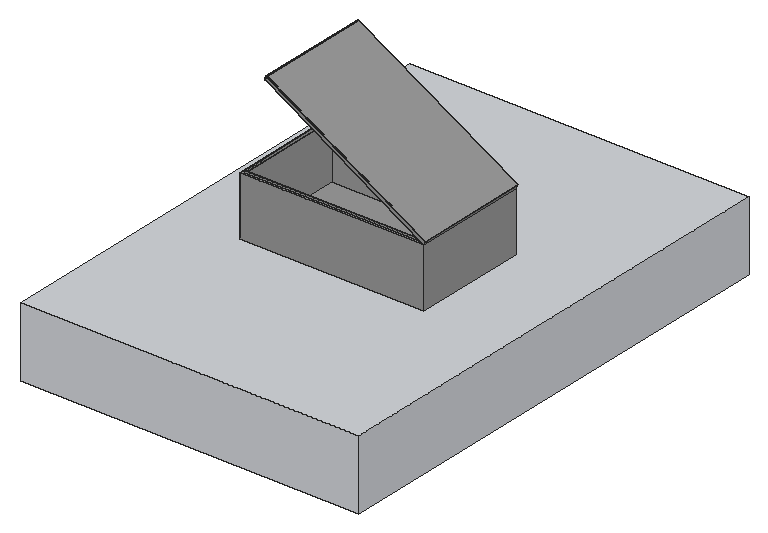
Revit family "Hager-Univers-IP55-D275-H500-Cl.II-Steel_encl-BE-fr", category Equipement électrique, Revit 2020
Family settings
  Hôte = Face
  Configuration du panneau = Deux colonnes, circuits au sein
  Cote de connecteur circulaire = Utiliser le diamètre
  Type d'élément = Tableau de raccordement
  Couper avec des vides une fois chargée = Non
  Partagée = Non
  Point de calcul de pièce = Non
Parameters (values of type "saillie IP55 L800 H500 P275  - FR33S")
  Width Control [instance] = if([EF000008 - largeur] > Min Width, [EF000008 - largeur], Min Width)  # 800 mm
  Commentaires du type = [HG000003 - Gamme]  # "Univers"
  Thickness Door [instance] = if([EF009171 - épaisseur de matériau de la porte/du couvercle] > 3 mm, 3 mm, [EF009171 - épaisseur de matériau de la porte/du couvercle])  # 1.5 mm
  Seal Frame Offset [instance] = 17 mm  # constant formula
  Plinth Visibility [instance] = [HG000027 - Hauteur du socle] > 0 mm  # no
  Model = ""
  Min Width [instance] = 100 mm  # constant formula
  Min Height [instance] = 100 mm  # constant formula
  Min Depth [instance] = (2 * [EF009170 - épaisseur de matériau du boîtier]) + 1 mm  # 4 mm
  Internal Frame Depth [instance] = (Door System Depth * 0.5)  # 9 mm
  Height Control [instance] = if([EF000040 - hauteur] > Min Height, [EF000040 - hauteur], Min Height)  # 500 mm
  HG000027 - Hauteur du socle = 0 mm
  HG000026 - Installation au sol = no
  HG000024 - Hauteur de la section basse = 800 mm
  HG000023 - Armoire double section = no
  HG000016 - Visibilité de la porte 3D [instance] = yes
  HG000015 - Visibilité de l'emprise de la porte [instance] = no
  HG000014 - Porte à droite [instance] = yes
  HG000013 - Porte à gauche [instance] = not([HG000014 - Porte à droite])  # no
  HG000012 - Angle de pivotement de la porte [instance] = 30.00°
  HG000010 - Portes asymétriques = no
  HG000009 - Porte à double battant = no
  HG000006 - Encastré = no
  HG000004 - Référence fabricant = "FR33S"
  HG000003 - Gamme = "Univers"
  HG000002 - avec porte = yes
  Frame Offset Bottom [instance] = 10 mm  # constant formula
  Frame Offset [instance] = 15 mm  # constant formula
  EF015940 - couvercle avec décharge de pression = no
  EF011959 - degré de protection (NEMA) = ""
  EF009554 - nombre d'ouvertures pour plaques à bride = 6
  Fabricant = "Hager"  # constant formula
  EF009212 - finition du couvercle = "EV000116 - fermé"
  EF009171 - épaisseur de matériau de la porte/du couvercle = 1.5 mm
  EF009170 - épaisseur de matériau du boîtier = 1.5 mm
  EF008873 - courant nominal (In) = 800 A
  EF007800 - adapté à un parafoudre = no
  EF006306 - avec serrure = no
  EF006244 - couvercle/porte transparent(e) = no
  EF005474 - indice de protection (IP) = "EV006420 - IP55"
  EF004464 - type de porte = "EV002646 - unique"
  EF004427 - nombre de modules = 108
  EF004293 - indice de protection contre les chocs (IK) = "EV008784 - IK10"
  EF003532 - convient pour utilisation à l’extérieur = no
  EF002950 - largeur en nombre de modules = 24
  EF001613 - maintien de fonction = "EV000494 - sans"
  EF001596 - matériau du boîtier/corps = "EV000179 - acier"
  EF001131 - profondeur intérieure = 275 mm
  EF001088 - possibilité de montage en saillie = yes
  EF000437 - nombre d'entrées de conduit = 6
  EF000339 - type de capot = "EV004216 - porte"
  EF000266 - nombre de rangées = 3
  EF000218 - profondeur d'encastrement = 0 mm
  EF000118 - avec cadre/support de montage = no
  EF000116 - numéro RAL = "7035"
  EF000049 - profondeur = 275 mm
  EF000040 - hauteur = 500 mm
  EF000008 - largeur = 800 mm
  EF000007 - couleur = "EV000270 - gris"
  EF000003 - mode de pose = "EV000384 - saillie"
  Door System Leaf Tolerance [instance] = 1.5 mm  # constant formula
  Door System Depth [instance] = 18 mm  # constant formula
  Door Height [instance] = Height Control - [HG000027 - Hauteur du socle]  # 500 mm
  Depth Control [instance] = if([EF000049 - profondeur] > Min Depth, [EF000049 - profondeur], Min Depth)  # 275 mm
  Default Elevation = 0 mm
  Connector Offset [instance] = Height Control / 2  # 250 mm
  Bottom Top Plate Trim [instance] = 1.5 mm  # constant formula
  Plinth height Ctrl [instance] = if([HG000027 - Hauteur du socle] > 0 mm, [HG000027 - Hauteur du socle], 12 mm)  # 12 mm
Types (5, lengths in mm): name | Width Control | HG000010 - Portes asymétriques | HG000009 - Porte à double battant | HG000004 - Référence fabricant | EF009554 - nombre d'ouvertures pour plaques à bride | EF004464 - type de porte | EF004427 - nombre de modules | EF000437 - nombre d'entrées de conduit | EF000008 - largeur
  saillie IP55 L1050 H500 P275  - FR34S | 1050 | no | yes | "FR34S" | 8 | "EV003602 - double" | 144 | 8 | 1050
  saillie IP55 L1300 H500 P275  - FR35S | 1300 | yes | yes | "FR35S" | 10 | "EV003602 - double" | 180 | 10 | 1300
  saillie IP55 L300 H500 P275  - FR31S | 300 | no | no | "FR31S" | 2 | "EV002646 - unique" | 36 | 2 | 300
  saillie IP55 L550 H500 P275  - FR32S | 550 | no | no | "FR32S" | 4 | "EV002646 - unique" | 72 | 4 | 550
  saillie IP55 L800 H500 P275  - FR33S | 800 | no | no | "FR33S" | 6 | "EV002646 - unique" | 108 | 6 | 800
Reference planes
  plane 1 "Center (Front/Back)": y = 0
  plane 2: z = 0
  plane 3 "Center (Left/Right)": x = 0
  plane 4: z = 275
  plane 5: y = 1.5
  plane 6: y = 250
  plane 7: y = 0
  plane 8: y = 500
  plane 9: z = 0
  plane 10: x = -385
  plane 11: x = 385
  plane 12: x = 383.5
  plane 13: x = -383.5
  plane 14: y = 498.5
  plane 15: x = -383
  plane 16: x = -400
  plane 17: x = 383
  plane 18: x = 400
  plane 19: x = 398.5
  plane 20: x = -398.5
  plane 21: y = 11.5
  plane 22: y = 500
  plane 23: y = 483.5
  plane 24: z = 257
  plane 25: z = 1.5
  plane 26: z = 255.5
  plane 27: z = 273.5
Forms (mm)
  Extrusion 1, solid
    sketch origin (0, 0, 0) x (1, 0, 0) y (0, 1, 0)
      loop
        line (-702.964, 1305) -> (-702.964, -811.445) -> (766.763, -811.445) -> (766.763, 1305) -> (-702.964, 1305)
    from 0 to -304.8
  Extrusion 2, solid, material "Hager_Steel_RAL7035_Light_Grey", visible <- "Plinth Visibility", detail levels medium+fine
    sketch origin (0, 0, 0) x (1, 0, 0) y (0, 1, 0)
      loop
        line (-400, 0) -> (400, 0) -> (400, 12) -> (-400, 12) -> (-400, 0)
    from 0 to 257
  Extrusion 3, solid, material "Hager_Steel_RAL7035_Light_Grey", detail levels medium+fine
    sketch origin (0, 0, 0) x (1, 0, 0) y (0, 1, 0)
      loop
        line (-400, 0) -> (400, 0) -> (400, 500) -> (-400, 500) -> (-400, 0)
    from 0 to 257
  Extrusion 4, void
    sketch origin (0, 0, 0) x (1, 0, 0) y (0, 1, 0)
      loop
        line (-398.5, 1.5) -> (398.5, 1.5) -> (398.5, 498.5) -> (-398.5, 498.5) -> (-398.5, 1.5)
    from 1.5 to 255.5
  Extrusion 5, void
    sketch origin (-381.607, -4572, 257) x (0, -1, 0) y (-1, 0, 0)
      loop
        line (-4583.5, 1.893) -> (-5055.5, 1.893) -> (-5055.5, -765.107) -> (-4583.5, -765.107) -> (-4583.5, 1.893)
    from 0 to 1.5 <- "EF009170 - épaisseur de matériau du boîtier"
  Extrusion 6, solid, material "Hager_Steel_RAL7035_Light_Grey", detail levels fine
    sketch origin (0, 0, 257) x (1, 0, 0) y (0, 1, 0)
      loop
        line (-383.5, 483.5) -> (-383.5, 11.5) -> (383.5, 11.5) -> (383.5, 483.5) -> (-383.5, 483.5)
      loop
        line (-385, 10) -> (385, 10) -> (385, 485) -> (-385, 485) -> (-385, 10)
    from 0 to 9 <- "Internal Frame Depth"
  Extrusion 7, solid, material "Hager_Steel_RAL7035_Light_Grey", detail levels coarse
    sketch origin (0, 0, 0) x (1, 0, 0) y (0, 1, 0)
      loop
        line (-400, 0) -> (400, 0) -> (400, 500) -> (-400, 500) -> (-400, 0)
    from 0 to 275
  Sweep 8, void
    path in 3D
      loop
        line (-400, 12, 0) -> (400, 12, 0) -> (400, 12, 257) -> (-400, 12, 257) -> (-400, 12, 0)
    profile origin (-400, 12, 128.5) x (-1, 0, 0) y (0, -1, 0)
      loop
        line (0, 0) -> (0, 1.5) -> (-1.5, 1.5)
        arc (-1.5, 1.5) -> (-1.061, 0.439) -> (0, 0) r 1.5
Cuts and joins
  Extrusion 4, Extrusion 5 cuts Extrusion 3
  Sweep 8 cuts Extrusion 2
Lines and regions (mm)
  Masking region 1
    outline origin (0, 0, 0) x (1, 0, 0) y (0, 0, 1)
      loop
        line (-400, 275) -> (-400, 0) -> (400, 0) -> (400, 275) -> (-400, 275)
  Masking region 2, detail levels medium+fine
    outline origin (0, 140, 0) x (0, 1, 0) y (0, 0, 1)
      loop
        line (-140, 0) -> (360, 0) -> (360, 257) -> (-140, 257) -> (-140, 0)
  Masking region 3, not visible, detail levels medium+fine
    outline origin (0, 297.922, 0) x (0, 1, 0) y (0, 0, 1)
      loop
        line (-36.422, 0) -> (3.578, 0) -> (3.578, 263.5)
        arc (3.578, 263.5) -> (0.649, 270.571) -> (-6.422, 273.5) r 10
        line (-6.422, 273.5) -> (-36.422, 273.5) -> (-36.422, 0)
  Masking region 4, detail levels coarse
    outline origin (0, 0, 180) x (0, 1, 0) y (0, 0, 1)
      loop
        line (0, -180) -> (500, -180) -> (500, 95) -> (0, 95) -> (0, -180)
  Masking region 5, visible <- "Plinth Visibility", detail levels medium+fine
    outline origin (0, 52.24, 12.345) x (0, 0, -1) y (0, 1, 0)
      loop
        line (10.845, -40.24) -> (-243.155, -40.24)
        arc (-243.155, -40.24) -> (-243.594, -41.301) -> (-244.655, -41.74) r 1.5
        line (-244.655, -41.74) -> (-244.655, -52.24) -> (12.345, -52.24) -> (12.345, -41.74)
        arc (12.345, -41.74) -> (11.285, -41.301) -> (10.845, -40.24) r 1.5
  Masking region 6, detail levels medium+fine
    outline origin (-381.607, -4572, 257) x (-1, 0, 0) y (0, -1, 0)
      loop
        line (18.393, -5072) -> (18.393, -4572) -> (-781.607, -4572) -> (-781.607, -5072) -> (18.393, -5072)
  Masking region 7, visible <- "Plinth Visibility", detail levels medium+fine
    outline origin (-381.607, -4727, 257) x (-1, 0, 0) y (0, -1, 0)
      loop
        arc (16.893, -4739) -> (17.332, -4737.939) -> (18.393, -4737.5) r 1.5
        line (18.393, -4737.5) -> (18.393, -4727) -> (-781.607, -4727) -> (-781.607, -4737.5)
        arc (-781.607, -4737.5) -> (-780.546, -4737.939) -> (-780.107, -4739) r 1.5
        line (-780.107, -4739) -> (16.893, -4739)
  Masking region 8, detail levels coarse
    outline origin (-442.548, -4669.526, 257) x (-1, 0, 0) y (0, -1, 0)
      loop
        line (-42.548, -5169.526) -> (-42.548, -4669.526) -> (-842.548, -4669.526) -> (-842.548, -5169.526) -> (-42.548, -5169.526)
  sketch lines
    curve 1: line (-400, 12, 257) -> (-400, 12, 0)
    curve 2: line (400, 12, 257) -> (-400, 12, 257)
    curve 3: line (400, 12, 257) -> (400, 12, 0)
    curve 4: line (-400, 12, 0) -> (400, 12, 0)
Dimensions and locks
  "Depth Control": plane 4 to Extrusion 1
  "HG000027 - Hauteur du socle": plane 1 "Center (Front/Back)" to plane 7
  "EF009170 - épaisseur de matériau du boîtier": plane 5 to plane 7
  locked: connector elem to plane 3 "Center (Left/Right)"
  equal spacing: plane 8, plane 6, plane 7
  locked: connector elem to plane 6
  "EF009170 - épaisseur de matériau du boîtier": plane 8 to plane 14
  "EF009170 - épaisseur de matériau du boîtier": plane 10 to plane 13
  "EF009170 - épaisseur de matériau du boîtier": plane 12 to plane 11
  "Frame Offset": plane 20 to plane 13
  "Frame Offset": plane 12 to plane 19
  "EF009170 - épaisseur de matériau du boîtier": plane 16 to plane 20
  "EF009170 - épaisseur de matériau du boîtier": plane 19 to plane 18
  "Seal Frame Offset": plane 16 to plane 15
  "Seal Frame Offset": plane 17 to plane 18
  "Frame Offset Bottom": plane 21 to plane 5
  "Frame Offset": plane 14 to plane 23
  equal spacing: plane 16, plane 3 "Center (Left/Right)", plane 18
  "Width Control": plane 16 to plane 18
  "EF009170 - épaisseur de matériau du boîtier": plane 4 to plane 27
  "EF009170 - épaisseur de matériau du boîtier": plane 24 to plane 26
  "EF009170 - épaisseur de matériau du boîtier": plane 25 to level
  "Door System Depth": plane 4 to plane 24
  "Height Control": plane 1 "Center (Front/Back)" to Extrusion 7 sketch curve
  "Height Control": Masking region 4 sketch curve to plane 1 "Center (Front/Back)"
  "Height Control": plane 1 "Center (Front/Back)" to plane 22
  "Bottom Top Plate Trim": profile plane to Sweep 8 sketch curve
  "Bottom Top Plate Trim": Sweep 8 sketch curve to profile plane
  "Plinth height Ctrl": plane 1 "Center (Front/Back)" to Extrusion 2 sketch curve
  "Plinth height Ctrl": Masking region 5 sketch curve to plane 1 "Center (Front/Back)"
  "Plinth height Ctrl": plane 1 "Center (Front/Back)" to Masking region 7 sketch curve
  "Thickness Door": Extrusion 6 sketch curve to Extrusion 6 sketch curve  (x3)
  "Thickness Door": cut or joined group of Extrusion 3, Extrusion 4, Extrusion 5 to Extrusion 6 sketch curve
  radius of Masking region 3 sketch curve = 10 mm
  "Bottom Top Plate Trim": radius of Masking region 5 sketch curve  (x2)
  "Bottom Top Plate Trim": radius of Sweep 8 sketch curve
  "Bottom Top Plate Trim": radius of Masking region 7 sketch curve  (x2)
  aligned and locked: plane 2 to Extrusion 1
  aligned and locked: level to Extrusion 1
  aligned and locked: level to Masking region 1 sketch curve
  aligned and locked: Masking region 1 sketch curve to plane 18
  aligned and locked: Masking region 1 sketch curve to plane 16
  aligned and locked: plane 7 to Masking region 2 sketch curve
  aligned and locked: level to Masking region 3 sketch curve
  aligned and locked: Masking region 3 sketch curve to plane 27
  aligned and locked: level to Masking region 2 sketch curve
  aligned and locked: plane 1 "Center (Front/Back)" to Extrusion 2 sketch curve
  aligned and locked: Extrusion 3 sketch curve to plane 7
  aligned and locked: plane 16 to Extrusion 3 sketch curve
  aligned and locked: plane 18 to Extrusion 3 sketch curve
  aligned and locked: plane 20 to Extrusion 4 sketch curve
  aligned and locked: plane 19 to Extrusion 4 sketch curve
  aligned and locked: Extrusion 4 sketch curve to plane 5
  aligned and locked: Extrusion 4 to plane 25
  aligned and locked: plane 26 to Extrusion 4
  aligned and locked: plane 24 to Extrusion 3
  aligned and locked: Extrusion 5 sketch curve to plane 21
  aligned and locked: Extrusion 5 sketch curve to plane 13
  aligned and locked: Extrusion 5 sketch curve to plane 12
  aligned and locked: plane 18 to Extrusion 7 sketch curve
  aligned and locked: plane 1 "Center (Front/Back)" to Extrusion 7 sketch curve
  aligned and locked: plane 16 to Extrusion 7 sketch curve
  aligned and locked: plane 4 to Extrusion 7
  aligned and locked: Extrusion 7 to level
  aligned and locked: level to Masking region 4 sketch curve
  aligned and locked: Masking region 4 sketch curve to plane 1 "Center (Front/Back)"
  aligned and locked: Masking region 4 sketch curve to plane 4
  aligned and locked: nested 1 to level
  aligned and locked: nested 1 to plane 16
  aligned and locked: plane 8 to Extrusion 3 sketch curve
  aligned and locked: plane 23 to Extrusion 5 sketch curve
  aligned and locked: plane 14 to Extrusion 4 sketch curve
  aligned and locked: Masking region 2 sketch curve to plane 8
  aligned and locked: level to Masking region 5 sketch curve
  aligned and locked: plane 16 to Extrusion 2 sketch curve
  aligned and locked: plane 18 to Extrusion 2 sketch curve
  aligned and locked: Masking region 5 sketch curve to plane 24
  aligned and locked: Masking region 2 sketch curve to plane 24
  aligned and locked: plane 24 to Extrusion 2
  aligned and locked: profile plane to Sweep 8 sketch curve  (x2)
  aligned and locked: Masking region 6 sketch curve to plane 18
  aligned and locked: Masking region 6 sketch curve to plane 22
  aligned and locked: Masking region 6 sketch curve to plane 16
  aligned and locked: plane 8 to plane 22
  aligned and locked: Masking region 6 sketch curve to plane 7
  aligned and locked: Masking region 7 sketch curve to plane 16
  aligned and locked: Masking region 7 sketch curve to plane 1 "Center (Front/Back)"
  aligned and locked: Masking region 7 sketch curve to plane 18
  aligned and locked: Masking region 8 sketch curve to plane 1 "Center (Front/Back)"
  aligned and locked: Masking region 8 sketch curve to plane 18
  aligned and locked: Masking region 8 sketch curve to plane 22
  aligned and locked: Masking region 8 sketch curve to plane 16
  aligned and locked: nested 2 to plane 7
  aligned and locked: plane 3 "Center (Left/Right)" to nested 2
  aligned and locked: nested 2 to plane 24
  aligned and locked: Extrusion 6 sketch curve to cut or joined group of Extrusion 3, Extrusion 4, Extrusion 5  (x4)
Automatic sketch dimensions
  Extrusion 1 sketch curve to Extrusion 1 sketch curve = 1469.727 mm
  Extrusion 1 sketch curve to Extrusion 1 sketch curve = 2116.445 mm
  Masking region 1 sketch curve to plane 4 = 0 mm
  plane 6 to Masking region 3 sketch curve = 11.5 mm
  Masking region 3 sketch curve to Masking region 3 sketch curve = 30 mm
  Masking region 5 sketch curve to plane 1 "Center (Front/Back)" = 0 mm
Nested families
  nested 1: "Hager_Enclosure_Symbol" at (-400, 0, 0) x (1, 0, 0) z (0, -1, 0), Height <- "Depth Control", Width <- "Width Control", type "Hager_Enclosure_Symbol"
    with Width_Ctrl 800 mm, Width 800 mm, Height_Ctrl 275 mm, Height 275 mm, A_Width_Int 18.047 mm, A_Width 216.562 mm, A_Height_Ctrl 240.625 mm, A_Height 240.625 mm
  nested 2: "EC000058_Univers_Door" at (0, 0, 257) x (1, 0, 0) z (0, 1, 0), Leaf_Tolerance <- "Door System Leaf Tolerance", Angle <- "HG000012 - Angle de pivotement de la porte", Door_Depth <- "Door System Depth", Door_Left <- "HG000013 - Porte à gauche", Transparent <- "EF006244 - couvercle/porte transparent(e)", Assymetrical <- "HG000010 - Portes asymétriques", Width <- "Width Control", Clearance <- "HG000015 - Visibilité de l'emprise de la porte", Double <- "HG000009 - Porte à double battant", 3d_Door <- "HG000016 - Visibilité de la porte 3D", Lock_Visibility <- "EF006306 - avec serrure", Width_Ctrl <- "Width Control", Door_Right <- "HG000014 - Porte à droite", Door <- "HG000002 - avec porte", Height <- "Door Height", Thickness <- "Thickness Door", type "EC000058_Univers_Door", detail levels medium+fine
    with min_wh 4 mm, Width_Ctrl 800 mm, Width 800 mm, Transparent no, Thickness 1.5 mm, Seal_Material Hager_Rubber, Lock_Visibility no, Lock_Material Hager_Plastic_RAL9005_Jet_Black, Leaf_Width 800 mm, Leaf_Tolerance_External_Sides 0 mm, Leaf_Tolerance 1.5 mm, Leaf_Offset 0 mm, Leaf_Height 497 mm, Leaf_2_Width 800 mm, Leaf_2_Offset 400 mm, Leaf_1_Width 800 mm, Leaf_1_Offset 400 mm, Height_Ctrl 500 mm, Height 500 mm, Glass_Material Hager_Glass, Double_Clearance_Ctrl no, Double no, Door_Right_Ctrl yes, Door_Right yes, Door_Material Hager_Steel_RAL7035_Light_Grey, Door_Left_Ctrl no, Door_Left no, Door_Depth 18 mm, Door yes, Clearance_Material Hager_Clearance, Clearance_Depth 800 mm, Clearance_Ctrl no, Clearance no, Assymetrical no, Angle 30.00°, 3d_Door yes
Connectors
  electrical at (0, 250, 0)
    settings: on plane 9, index 1, voltage 0 V, apparent load 0 VA, apparent load phase1 0 VA, apparent load phase2 0 VA, apparent load phase3 0 VA, power factor 1, load classification "Other", number of poles 1, system type 30, power factor state 1, is connector primary yes, connector utility no, sub classification motor no, connector description ""
Definition of nested family "EC000058_Univers_Door"
  Parameters (values of type "EC000058_Univers_Door")
    min_wh [instance] = (2 * Thickness) + 1 mm  # 11 mm
    Width_Ctrl [instance] = 400 mm
    Width [instance] = 500 mm
    Transparent [instance] = yes
    Thickness [instance] = 5 mm
    Seal_Material [instance] = none
    Lock_Visibility [instance] = yes
    Lock_Material [instance] = none
    Leaf_Width [instance] = if((Width_Ctrl - 2 * Leaf_Tolerance_External_Sides) > 0 mm, (Width_Ctrl - 2 * Leaf_Tolerance_External_Sides), min_wh)  # 400 mm
    Leaf_Tolerance_External_Sides [instance] = 0 mm  # constant formula
    Leaf_Tolerance [instance] = 1.5 mm
    Leaf_Offset [instance] = 0 mm  # constant formula
    Leaf_Height [instance] = if((Height_Ctrl - 2 * Leaf_Tolerance) > 0 mm, (Height_Ctrl - 2 * Leaf_Tolerance), min_wh)  # 497 mm
    Leaf_2_Width [instance] = if(and(and(Double, Assymetrical), Door_Left), (Leaf_Width / 3) - (Leaf_Tolerance / 2), if(and(and(Double, Assymetrical), Door_Right), (Leaf_Width / 3) * 2 - (Leaf_Tolerance / 2), if(and(Double, not(Assymetrical)), (Leaf_Width / 2) - Leaf_Tolerance, Leaf_Width)))  # 400 mm
    Leaf_2_Offset [instance] = if(and(Double, Assymetrical), Leaf_2_Width / 2, if(and(Double, not(Assymetrical)), Leaf_Width / 4, Leaf_Width / 2))  # 200 mm
    Leaf_1_Width [instance] = if(and(and(Double, Assymetrical), Door_Right), (Leaf_Width / 3) - (Leaf_Tolerance / 2), if(and(and(Double, Assymetrical), Door_Left), (Width / 3) * 2 - (Leaf_Tolerance / 2), if(and(Double, not(Assymetrical)), (Leaf_Width / 2) - Leaf_Tolerance, Leaf_Width)))  # 400 mm
    Leaf_1_Offset [instance] = if(and(Double, Assymetrical), Leaf_1_Width / 2, if(and(Double, not(Assymetrical)), Leaf_Width / 4, Leaf_Width / 2))  # 200 mm
    Height_Ctrl [instance] = if(Height > min_wh, Height, min_wh)  # 500 mm
    Height [instance] = 500 mm
    Glass_Material [instance] = none
    Double_Clearance_Ctrl [instance] = and(Double, Clearance)  # no
    Double [instance] = no
    Door_Right_Ctrl [instance] = and(or(Door_Right, Double), Door)  # yes
    Door_Right [instance] = yes
    Door_Material [instance] = none
    Door_Left_Ctrl [instance] = and(or(Door_Left, Double), Door)  # no
    Door_Left [instance] = no
    Door_Depth [instance] = 30 mm
    Door [instance] = yes
    Default Elevation = 1219.2 mm
    Clearance_Material [instance] = none
    Clearance_Depth [instance] = if(Leaf_1_Width > Leaf_2_Width, Leaf_1_Width, Leaf_2_Width)  # 400 mm
    Clearance_Ctrl [instance] = and(not(Double), Clearance)  # yes
    Clearance [instance] = yes
    Assymetrical [instance] = yes
    Angle [instance] = 30.00°
    3d_Door [instance] = yes
  Reference planes
    plane 1 "Center (Front/Back)": y = 0
    plane 2 "Bottom": z = 0
    plane 3 "Center (Left/Right)": x = 0
    plane 4: z = 500
    plane 5: x = -200
    plane 6: x = 200
    plane 7: z = 500
    plane 8: x = -200
    plane 9: z = 0
    plane 10: x = 200
    plane 11: y = 0
    plane 12: z = 1.5
    plane 13: x = -600
    plane 14: y = -400
    plane 15: x = 600
    plane 16: x = 0
    plane 17: x = 0
    plane 18: x = -200
    plane 19: x = 200
    plane 20: z = 498.5
  Forms (mm)
    Extrusion 1, solid, material <- "Clearance_Material", visible <- "Double_Clearance_Ctrl"
      sketch origin (1200, 0, 0) x (1, 0, 0) y (0, 0, -1)
        loop
          line (-1800, -498.5) -> (-600, -498.5) -> (-600, 0) -> (-1800, 0) -> (-1800, -498.5)
      from 0 to -400
  Dimensions and locks
    equal spacing: plane 5, plane 3 "Center (Left/Right)", plane 6
    "Width_Ctrl": plane 5 to plane 6
    "Leaf_Offset": plane 5 to plane 8
    "Leaf_Offset": plane 6 to plane 10
    "Leaf_Offset": plane 9 to level
    "Leaf_Offset": plane 4 to plane 7
    "Height_Ctrl": plane 4 to level
    "Leaf_Tolerance": plane 12 to plane 9
    locked: plane 11 to plane 1 "Center (Front/Back)"
    "Leaf_1_Offset": plane 18 to plane 16
    "Leaf_2_Offset": plane 17 to plane 19
    "Leaf_1_Width": plane 13 to plane 8
    "Leaf_2_Width": plane 10 to plane 15
    "Clearance_Depth": plane 14 to plane 1 "Center (Front/Back)"
    "Leaf_Tolerance_External_Sides": plane 8 to plane 18
    "Leaf_Tolerance_External_Sides": plane 19 to plane 10
    "Leaf_Tolerance": plane 7 to plane 20
    aligned and locked: level to plane 2 "Bottom"
    aligned and locked: nested 1 to plane 16
    aligned and locked: nested 2 to plane 17
    aligned and locked: Extrusion 1 to plane 13
    aligned and locked: plane 15 to Extrusion 1
    aligned and locked: Extrusion 1 to plane 14
    aligned and locked: plane 12 to nested 1
    aligned and locked: nested 2 to plane 12
    aligned and locked: Extrusion 1 to plane 11
    aligned and locked: plane 20 to Extrusion 1
    aligned and locked: nested 2 to plane 11
    aligned and locked: nested 1 to plane 11
  Automatic sketch dimensions
    Extrusion 1 sketch curve to level = 0 mm
    plane 5 to Extrusion 1 sketch curve = 400 mm
    plane 6 to Extrusion 1 sketch curve = 400 mm
    Extrusion 1 sketch curve to plane 4 = 1.5 mm
  Nested families
    nested 1: "EC000058_Univers_Door_Leaf" at (0, 0, 1.5), Width <- "Leaf_1_Width", visible <- "Door_Left_Ctrl", Leaf_Height <- "Leaf_Height", Angle <- "Angle", 3d_Door <- "3d_Door", Transparent <- "Transparent", Clearance Material <- "Clearance_Material", Clearance <- "Clearance_Ctrl", Door_Material <- "Door_Material", Glass_Material <- "Glass_Material", Door_Depth <- "Door_Depth", Lock_Material <- "Lock_Material", Seal_Material <- "Seal_Material", Lock_Visibility <- "Lock_Visibility", Thickness <- "Thickness", type "EC000058_Univers_Door_Leaf"
      with Width 400 mm, Transparent_Glass_Offset 30 mm, Transparent_Ctrl yes, Transparent yes, Thickness 5 mm, Standard no, Seal_Material none, Seal_D2 8 mm, Seal_D1 1 mm, Offset_Internal_Frame 10 mm, Lock_Width 20 mm, Lock_Visibility_3d yes, Lock_Visibility yes, Lock_Thickness_3 3 mm, Lock_Thickness_2 1 mm, Lock_Thickness_1 3 mm, Lock_Radius_Offset_2 16 mm, Lock_Radius_Offset_1 15 mm, Lock_Radius_2 5 mm, Lock_Radius 6 mm, Lock_Offset 5 mm, Lock_Material none, Lock_Height 80 mm, Lock_Cover_Top_Offset_2d 17 mm, Lock_Cover_Height -65 mm, Leaf_Height 497 mm, Internal_Seal_Thickness 8 mm, Internal_Seal_Depth_2 4.5 mm, Internal_Frame_Depth 25 mm, Glass_Thickness -1 mm, Glass_Offset -2 mm, Glass_Material none, Door_Material none, Door_Depth 30 mm, Clearance Material none, Clearance yes, Angle_Ctrl 30.00°, Angle 30.00°, 3d_Door yes
    nested 2: "EC000058_Univers_Door_Leaf" at (0, 0, 1.5) x (-1, 0, 0) z (0, 0, 1), Width <- "Leaf_2_Width", visible <- "Door_Right_Ctrl", Leaf_Height <- "Leaf_Height", Angle <- "Angle", 3d_Door <- "3d_Door", Transparent <- "Transparent", Clearance Material <- "Clearance_Material", Clearance <- "Clearance_Ctrl", Door_Material <- "Door_Material", Glass_Material <- "Glass_Material", Door_Depth <- "Door_Depth", Lock_Material <- "Lock_Material", Seal_Material <- "Seal_Material", Lock_Visibility <- "Lock_Visibility", Thickness <- "Thickness", type "EC000058_Univers_Door_Leaf"
      with Width 400 mm, Transparent_Glass_Offset 30 mm, Transparent_Ctrl yes, Transparent yes, Thickness 5 mm, Standard no, Seal_Material none, Seal_D2 8 mm, Seal_D1 1 mm, Offset_Internal_Frame 10 mm, Lock_Width 20 mm, Lock_Visibility_3d yes, Lock_Visibility yes, Lock_Thickness_3 3 mm, Lock_Thickness_2 1 mm, Lock_Thickness_1 3 mm, Lock_Radius_Offset_2 16 mm, Lock_Radius_Offset_1 15 mm, Lock_Radius_2 5 mm, Lock_Radius 6 mm, Lock_Offset 5 mm, Lock_Material none, Lock_Height 80 mm, Lock_Cover_Top_Offset_2d 17 mm, Lock_Cover_Height -65 mm, Leaf_Height 497 mm, Internal_Seal_Thickness 8 mm, Internal_Seal_Depth_2 4.5 mm, Internal_Frame_Depth 25 mm, Glass_Thickness -1 mm, Glass_Offset -2 mm, Glass_Material none, Door_Material none, Door_Depth 30 mm, Clearance Material none, Clearance yes, Angle_Ctrl 30.00°, Angle 30.00°, 3d_Door yes
  Definition of nested family "EC000058_Univers_Door_Leaf"
    Parameters (values of type "EC000058_Univers_Door_Leaf")
      Width [instance] = 2000 mm
      Transparent_Glass_Offset [instance] = 30 mm
      Transparent_Ctrl [instance] = and(Transparent, [3d_Door])  # yes
      Transparent [instance] = yes
      Thickness [instance] = 5 mm
      Standard [instance] = and(not(Transparent), [3d_Door])  # no
      Seal_Material [instance] = none
      Seal_D2 [instance] = 8 mm  # constant formula
      Seal_D1 [instance] = 1 mm  # constant formula
      Offset_Internal_Frame [instance] = 10 mm  # constant formula
      Lock_Width [instance] = 20 mm  # constant formula
      Lock_Visibility_3d [instance] = and(Lock_Visibility, [3d_Door])  # yes
      Lock_Visibility [instance] = yes
      Lock_Thickness_3 [instance] = 3 mm  # constant formula
      Lock_Thickness_2 [instance] = 1 mm  # constant formula
      Lock_Thickness_1 [instance] = 3 mm  # constant formula
      Lock_Radius_Offset_2 [instance] = Lock_Radius_Offset_1 + 1 mm  # 16 mm
      Lock_Radius_Offset_1 [instance] = 15 mm  # constant formula
      Lock_Radius_2 [instance] = Lock_Radius - 1 mm  # 5 mm
      Lock_Radius [instance] = 6 mm  # constant formula
      Lock_Offset [instance] = 5 mm  # constant formula
      Lock_Material [instance] = none
      Lock_Height [instance] = 80 mm  # constant formula
      Lock_Cover_Top_Offset_2d [instance] = Lock_Radius_Offset_2 + 1 mm  # 17 mm
      Lock_Cover_Height [instance] = -(Lock_Height - Lock_Radius_Offset_1)  # -65 mm
      Leaf_Height [instance] = 2720.336 mm
      Internal_Seal_Thickness [instance] = 8 mm  # constant formula
      Internal_Seal_Depth_2 [instance] = 4.5 mm  # constant formula
      Internal_Frame_Depth [instance] = if(Door_Depth - Thickness > 5 mm, Door_Depth - Thickness, 5 mm)  # 25 mm
      Glass_Thickness [instance] = if(Thickness > 15 mm, Glass_Offset + 10 mm, -1 mm)  # -1 mm
      Glass_Offset [instance] = if(Thickness > 15 mm, -(Thickness + 10 mm) / 2, -2 mm)  # -2 mm
      Glass_Material [instance] = none
      Door_Material [instance] = none
      Door_Depth [instance] = 30 mm
      Default Elevation = 0 mm
      Clearance Material [instance] = none
      Clearance [instance] = yes
      Angle_Ctrl [instance] = if(Angle > 180.00°, 180.00°, Angle)  # 90.00°
      Angle [instance] = 90.00°
      3d_Door [instance] = yes
    Reference planes
      plane 1 "Center (Front/Back)": y = 0
      plane 2: z = 0
      plane 3 "Center (Left/Right)": x = 0
      plane 4: y = 2000
      plane 5: x = -1000
      plane 6: x = 1000
      plane 7: x = -3000
      plane 8: z = 2720.336
      plane 9: z = 30
      plane 10: z = 2690.336
      plane 11: x = 970
      plane 12: x = -970
      plane 13: y = -3
      plane 14: z = 107.833
      plane 15: y = -5
      plane 16: y = -223.314
      plane 17: x = -1000
      plane 18: z = 1360.168
      plane 19: y = 30
    Forms (mm)
      Extrusion 1, solid, material <- "Clearance Material", visible <- "Clearance"
        sketch origin (0, 0, 0) x (1, 0, 0) y (0, 0, 1)
          loop
            line (-3000, 2720.336) -> (-3000, 0) -> (1000, 0) -> (1000, 2720.336) -> (-3000, 2720.336)
        from 0 to -2000
      Extrusion 2, solid, material <- "Door_Material", visible <- "Standard", detail levels medium+fine
        sketch origin (-1000, 0, 0) x (0, 1, 0) y (-1, 0, 0)
          loop
            line (0, 30) -> (0, 25) -> (2000, 25) -> (2000, 30) -> (0, 30)
        from 0 to 2720.336 <- "Leaf_Height"
      Extrusion 3, solid, material <- "Door_Material", visible <- "Transparent_Ctrl", detail levels medium+fine
        sketch origin (-1000, 0, 0) x (0, 1, 0) y (-1, 0, 0)
          loop
            line (0, 25) -> (2000, 25) -> (2000, 30) -> (0, 30) -> (0, 25)
        from 0 to 2720.336 <- "Leaf_Height"
      Extrusion 4, void
        sketch origin (-1025, 2000, 0) x (0, 1, 0) y (0, 0, -1)
          loop
            line (-30, -2690.336) -> (-30, -30) -> (-1970, -30) -> (-1970, -2690.336) -> (-30, -2690.336)
        from 0 to 5 <- "Thickness"
      Sweep 5, solid, material <- "Seal_Material", visible <- "Transparent_Ctrl", detail levels fine
        path in 3D
          loop
            line (-1025, 30, 30) -> (-1025, 30, 2690.336) -> (-1025, 1970, 2690.336) -> (-1025, 1970, 30) -> (-1025, 30, 30)
        profile origin (-1025, 1000, 30) x (1, 0, 0) y (0, 0, 1)
          loop
            line (0, 0) -> (0, -8) -> (1, -8) -> (1, 0) -> (0, 0)
      Extrusion 6, solid, material <- "Glass_Material", visible <- "Transparent_Ctrl", detail levels medium+fine
        sketch origin (-1030, 0, 0) x (0, 1, 0) y (0, 0, -1)
          loop
            line (1970, -2690.336) -> (1970, -30) -> (30, -30) -> (30, -2690.336) -> (1970, -2690.336)
        from -2 <- "Glass_Offset" to -1 <- "Glass_Thickness"
      Extrusion 7, solid, material <- "Door_Material", visible <- "3d_Door", detail levels medium+fine
        sketch origin (-1025, 2000, 0) x (0, -1, 0) y (0, 0, -1)
          loop
            line (0, -2720.336) -> (2000, -2720.336) -> (2000, 0) -> (0, 0) -> (0, -2720.336)
          loop
            line (1995, -5) -> (5, -5) -> (5, -2715.336) -> (1995, -2715.336) -> (1995, -5)
        from 0 to 25 <- "Internal_Frame_Depth"
      Sweep 8, solid, material <- "Seal_Material", visible <- "Transparent_Ctrl", detail levels fine
        path in 3D
          loop
            line (-1025, 0, 0) -> (-1025, 2000, 0) -> (-1025, 2000, 2720.336) -> (-1025, 0, 2720.336) -> (-1025, 0, 0)
        profile origin (-1025, 0, 1360.168) x (1, 0, 0) y (0, 1, 0)
          loop
            line (0, 10) -> (2.975, 10)
            arc (2.975, 10) -> (4.053, 10.447) -> (4.5, 11.525) r 1.525
            line (4.5, 11.525) -> (4.5, 16.527)
            arc (4.5, 16.527) -> (4.069, 17.569) -> (3.027, 18) r 1.473
            line (3.027, 18) -> (0, 18) -> (0, 10)
      Extrusion 9, solid, material <- "Lock_Material", visible <- "Lock_Visibility_3d", detail levels fine
        sketch origin (-1030, 0, 0) x (0, 1, 0) y (0, 0, -1)
          loop
            arc (1993.5, -1400.168) -> (1994.561, -1399.729) -> (1995, -1398.668) r 1.5
            line (1995, -1398.668) -> (1995, -1320.168) -> (1975, -1320.168) -> (1975, -1398.668)
            arc (1975, -1398.668) -> (1975.439, -1399.729) -> (1976.5, -1400.168) r 1.5
            line (1976.5, -1400.168) -> (1993.5, -1400.168)
        from 3 <- "Lock_Thickness_1" to 0
      Blend 10, solid, material <- "Lock_Material", visible <- "Lock_Visibility_3d", detail levels fine
        base sketch origin (-1033, 0, 0) x (0, 1, 0) y (0, 0, -1)
          loop
            line (1975, -1320.168) -> (1975, -1398.668)
            arc (1975, -1398.668) -> (1975.439, -1399.729) -> (1976.5, -1400.168) r 1.5
            line (1976.5, -1400.168) -> (1993.5, -1400.168)
            arc (1993.5, -1400.168) -> (1994.561, -1399.729) -> (1995, -1398.668) r 1.5
            line (1995, -1398.668) -> (1995, -1320.168) -> (1975, -1320.168)
        top sketch origin (-1033, 0, 0) x (0, 1, 0) y (0, 0, -1)
          loop
            line (1976, -1320.168) -> (1976, -1398.668)
            arc (1976, -1398.668) -> (1976.146, -1399.022) -> (1976.5, -1399.168) r 0.5
            line (1976.5, -1399.168) -> (1993.5, -1399.168)
            arc (1993.5, -1399.168) -> (1993.854, -1399.022) -> (1994, -1398.668) r 0.5
            line (1994, -1398.668) -> (1994, -1320.168) -> (1976, -1320.168)
        from 0 to 1 <- "Lock_Thickness_2"
      Blend 11, solid, material <- "Lock_Material", visible <- "Lock_Visibility_3d", detail levels fine
        base sketch origin (-1034, 0, 0) x (0, 1, 0) y (0, 0, -1)
          loop
            line (1978, -1320.168) -> (1978, -1384.168)
            arc (1978, -1384.168) -> (1985, -1391.168) -> (1992, -1384.168) r 7
            line (1992, -1384.168) -> (1992, -1320.168) -> (1978, -1320.168)
        top sketch origin (-1034, 0, 0) x (0, 1, 0) y (0, 0, -1)
          loop
            line (1991, -1320.168) -> (1979, -1320.168) -> (1979, -1383.168)
            arc (1979, -1383.168) -> (1985, -1389.168) -> (1991, -1383.168) r 6
            line (1991, -1383.168) -> (1991, -1320.168)
        from 0 to 3 <- "Lock_Thickness_3"
      Extrusion 12, solid, material <- "Lock_Material", visible <- "Lock_Visibility_3d", detail levels fine
        sketch origin (-1030, 1975, 1320.168) x (1, 0, 0) y (0, -1, 0)
          loop
            line (-7, -19) -> (-7, -1) -> (0, -1) -> (0, 0) -> (-8, 0) -> (-8, -20) -> (0, -20) -> (0, -19) -> (-7, -19)
        from 0 to -65 <- "Lock_Cover_Height"
      Extrusion 13, void
        sketch origin (-1038, 1995, 1320.168) x (-1, 0, 0) y (0, 0, -1)
          loop
            line (-5, -65) -> (0, -65) -> (-5, -60) -> (-5, -65)
        from 0 to 20 <- "Lock_Width"
      Extrusion 14, void
        sketch origin (-1038, 1975, 1320.168) x (0, -1, 0) y (0, 0, -1)
          loop
            circle (-10, -15.995) r 6
          loop
            circle (-10, -15.995) r 5
        from 0 to 2
      Extrusion 15, solid, material <- "Lock_Material", visible <- "Lock_Visibility_3d", detail levels medium
        sketch origin (-1030, 0, 0) x (0, 1, 0) y (0, 0, -1)
          loop
            arc (1993.5, -1400.168) -> (1994.561, -1399.729) -> (1995, -1398.668) r 1.5
            line (1995, -1398.668) -> (1995, -1320.168) -> (1975, -1320.168) -> (1975, -1398.668)
            arc (1975, -1398.668) -> (1975.439, -1399.729) -> (1976.5, -1400.168) r 1.5
            line (1976.5, -1400.168) -> (1993.5, -1400.168)
        from 8 to 0
    Cuts and joins
      Extrusion 4 cuts Extrusion 3
      Extrusion 13, Extrusion 14 cuts Extrusion 9
      Extrusion 14 cuts Blend 11
      Extrusion 13, Extrusion 14 cuts Extrusion 12
      joined: Extrusion 9, Blend 10, Blend 11, Extrusion 12
      Extrusion 14 cuts Extrusion 15
    Lines and regions (mm)
      Masking region 1, visible <- "Lock_Visibility", detail levels fine
        outline origin (0, 0, 0) x (0, 1, 0) y (0, 0, 1)
          loop
            line (30, 1320.168) -> (33, 1320.168) -> (33, 1400.168) -> (30, 1400.168) -> (30, 1320.168)
      Masking region 2, visible <- "Lock_Visibility", detail levels fine
        outline origin (0, 3.143, 0) x (0, 1, 0) y (0, 0, 1)
          loop
            line (29.857, 1354.168) -> (30.857, 1354.168) -> (30.857, 1366.168) -> (29.857, 1366.168) -> (29.857, 1354.168)
      Masking region 3, detail levels medium+fine
        outline origin (0, 0, 0) x (0, 1, 0) y (0, 0, 1)
          loop
            line (0, 0) -> (30, 0) -> (30, 2720.336) -> (0, 2720.336) -> (0, 0)
      Masking region 4, detail levels medium+fine
        outline origin (0, 0, 0) x (1, 0, 0) y (0, 0, 1)
          loop
            line (-1000, 2720.336) -> (-1000, 0) -> (1000, 0) -> (1000, 2720.336) -> (-1000, 2720.336)
      Masking region 5, visible <- "Lock_Visibility", detail levels fine
        outline origin (-47.116, 0, 0) x (1, 0, 0) y (0, 0, 1)
          loop
            arc (1024.616, 1399.168) -> (1023.556, 1398.729) -> (1023.116, 1397.668) r 1.5
            line (1023.116, 1397.668) -> (1023.116, 1320.168) -> (1041.116, 1320.168) -> (1041.116, 1397.668)
            arc (1041.116, 1397.668) -> (1040.677, 1398.729) -> (1039.616, 1399.168) r 1.5
            line (1039.616, 1399.168) -> (1024.616, 1399.168)
      Masking region 6, visible <- "Lock_Visibility", detail levels medium+fine
        outline origin (-25, 0, 0) x (1, 0, 0) y (0, 0, 1)
          loop
            arc (1001.5, 1400.168) -> (1000.439, 1399.729) -> (1000, 1398.668) r 1.5
            line (1000, 1398.668) -> (1000, 1320.168) -> (1020, 1320.168) -> (1020, 1398.668)
            arc (1020, 1398.668) -> (1019.561, 1399.729) -> (1018.5, 1400.168) r 1.5
            line (1018.5, 1400.168) -> (1001.5, 1400.168)
      Masking region 7, visible <- "Lock_Visibility", detail levels fine
        outline origin (-73.735, 0, 0) x (1, 0, 0) y (0, 0, 1)
          loop
            line (1051.735, 1382.168) -> (1065.735, 1382.168) -> (1065.735, 1384.168)
            arc (1065.735, 1384.168) -> (1058.735, 1391.168) -> (1051.735, 1384.168) r 7
            line (1051.735, 1384.168) -> (1051.735, 1382.168)
      Masking region 8, visible <- "Lock_Visibility", detail levels fine
        outline origin (-73.735, 0, 0) x (1, 0, 0) y (0, 0, 1)
          loop
            line (1052.735, 1382.168) -> (1064.735, 1382.168) -> (1064.735, 1383.168)
            arc (1064.735, 1383.168) -> (1058.735, 1389.168) -> (1052.735, 1383.168) r 6
            line (1052.735, 1383.168) -> (1052.735, 1382.168)
      Masking region 9, visible <- "Lock_Visibility", detail levels fine
        outline origin (-25, 0, 0) x (1, 0, 0) y (0, 0, 1)
          loop
            line (1020, 1320.168) -> (1020, 1382.168) -> (1000, 1382.168) -> (1000, 1320.168) -> (1020, 1320.168)
      Masking region 10, detail levels medium+fine
        outline origin (0, 0, 0) x (1, 0, 0) y (0, 0, 1)
          loop
            circle (985, 1335.144) r 6
      Masking region 11, detail levels fine
        outline origin (0, 0, 0) x (1, 0, 0) y (0, 0, 1)
          loop
            circle (985, 1335.144) r 5
      Masking region 12, visible <- "Lock_Visibility", detail levels fine
        outline origin (0, 12.767, 0) x (0, 1, 0) y (0, 0, 1)
          loop
            line (20.233, 1320.168) -> (21.233, 1320.168) -> (21.233, 1399.168) -> (20.233, 1400.168) -> (20.233, 1320.168)
      Masking region 13, visible <- "Lock_Visibility", detail levels fine
        outline origin (0, 13.767, -10) x (0, 1, 0) y (0, 0, 1)
          loop
            line (20.233, 1330.168) -> (23.233, 1330.168) -> (23.233, 1399.168) -> (20.233, 1402.168) -> (20.233, 1330.168)
      Masking region 14, visible <- "Lock_Visibility", detail levels fine
        outline origin (0, 12.767, -10) x (0, 1, 0) y (0, 0, 1)
          loop
            line (20.233, 1330.168) -> (25.233, 1330.168) -> (25.233, 1399.305) -> (20.233, 1394.305) -> (20.233, 1330.168)
      Masking region 15, visible <- "Lock_Visibility", detail levels medium
        outline origin (0, 0, 0) x (0, 1, 0) y (0, 0, 1)
          loop
            line (30, 1320.168) -> (38, 1320.168) -> (38, 1400.168) -> (30, 1400.168) -> (30, 1320.168)
      Masking region 16, visible <- "Lock_Visibility", detail levels fine
        outline origin (-1000, 0, 0) x (0, 1, 0) y (-1, 0, 0)
          loop
            line (1975, 30) -> (1995, 30) -> (1995, 38) -> (1975, 38) -> (1975, 30)
          loop
            line (1979, 37) -> (1976, 37) -> (1976, 34) -> (1978, 34) -> (1979, 37)
          loop
            line (1994, 37) -> (1991, 37) -> (1992, 34) -> (1994, 34) -> (1994, 37)
      Masking region 17, visible <- "Lock_Visibility", detail levels medium
        outline origin (-1000, 0, 0) x (0, 1, 0) y (-1, 0, 0)
          loop
            line (1975, 30) -> (1995, 30) -> (1995, 38) -> (1975, 38) -> (1975, 30)
      symbolic lines
        curve 1: line (1000, 0, 0) -> (-3000, 0, 0)
        curve 2: arc (1000, 0, 0) -> (-1000, 2000, 0) -> (-3000, 0, 0) r 2000
        curve 4: line (-1030, 0, 0) -> (-1030, 2000, 0)
      reference lines
        curve 3: line (-1000, 0, 0) -> (-1000, 2000, 0)
      symbolic lines, detail levels medium+fine
        curve 5: line (-1030, 2000, 0) -> (-1025, 2000, 0)
        curve 7: line (-1025, 0, 0) -> (-1030, 0, 0)
        curve 8: line (-1025, 0, 0) -> (-1000, 0, 0)
        curve 9: line (-1000, 0, 0) -> (-1000, 2000, 0)
        curve 10: line (-1000, 2000, 0) -> (-1025, 2000, 0)
      symbolic lines, detail levels fine
        curve 6: line (-1025, 2000, 0) -> (-1025, 0, 0)
      sketch lines
        curve 11: line (-1025, 0, 2720.336) -> (-1025, 0, 0)
        curve 12: line (-1025, 2000, 0) -> (-1025, 0, 0)
        curve 13: line (-1025, 2000, 2720.336) -> (-1025, 2000, 0)
        curve 14: line (-1025, 0, 2720.336) -> (-1025, 2000, 2720.336)
        curve 15: line (-1025, 1970, 30) -> (-1025, 30, 30)
        curve 16: line (-1025, 30, 30) -> (-1025, 30, 2690.336)
        curve 17: line (-1025, 1970, 2690.336) -> (-1025, 1970, 30)
        curve 18: line (-1025, 30, 2690.336) -> (-1025, 1970, 2690.336)
      symbolic lines, visible <- "Transparent", detail levels medium+fine
        curve 19: line (-970, 0, 2690.336) -> (970, 0, 2690.336)
        curve 20: line (-970, 0, 30) -> (-970, 0, 2690.336)
        curve 21: line (970, 0, 30) -> (-970, 0, 30)
        curve 22: line (970, 0, 2690.336) -> (970, 0, 30)
    Dimensions and locks
      "Width": plane 1 "Center (Front/Back)" to plane 4
      equal spacing: plane 5, plane 3 "Center (Left/Right)", plane 6
      "Width": plane 5 to plane 6
      "Width": plane 7 to plane 5
      "Leaf_Height": plane 8 to level
      "Width": curve 5 to curve 3
      "Width": curve 3 to curve 3
      plane 8 to plane 10 = 30 mm
      plane 9 to level = 30 mm
      plane 12 to plane 5 = 30 mm
      plane 6 to plane 11 = 30 mm
      Extrusion 1 to Extrusion 4 sketch curve = 30 mm
      "Transparent_Glass_Offset": curve 3 to Extrusion 4 sketch curve
      "Transparent_Glass_Offset": Extrusion 4 sketch curve to cut or joined group of Extrusion 3, Extrusion 4  (x2)
      cut or joined group of Extrusion 3, Extrusion 4 to Extrusion 6 sketch curve = 30 mm
      "Transparent_Glass_Offset": cut or joined group of Extrusion 3, Extrusion 4 to Extrusion 4 sketch curve
      "Thickness": curve 6 to curve 4
      "Thickness": Extrusion 7 sketch curve to Extrusion 7 sketch curve  (x4)
      "Door_Depth": curve 4 to curve 3
      "Offset_Internal_Frame": profile plane to Sweep 8 sketch curve
      "Internal_Seal_Thickness": Sweep 8 sketch curve to Sweep 8 sketch curve
      "Internal_Seal_Depth_2": profile plane to Sweep 8 sketch curve
      "Seal_D1": profile plane to Sweep 5 sketch curve
      "Seal_D2": profile plane to Sweep 5 sketch curve
      "Thickness": Extrusion 2 sketch curve to Extrusion 2 sketch curve
      equal spacing: Extrusion 9 sketch curve, plane 18, Extrusion 9 sketch curve  (x2)
      equal spacing: Masking region 1 sketch curve, plane 18, Masking region 1 sketch curve
      "Lock_Height": Masking region 1 sketch curve to Masking region 1 sketch curve
      "Lock_Radius": Masking region 2 sketch curve to plane 18 to Masking region 2 sketch curve
      Masking region 2 sketch curve to Masking region 1 = 1 mm
      "Door_Depth": plane 19 to plane 1 "Center (Front/Back)"
      "Lock_Thickness_1": Masking region 1 sketch curve to plane 19
      "Lock_Width": Extrusion 9 sketch curve to Extrusion 9 sketch curve
      "Lock_Height": Extrusion 9 sketch curve to Extrusion 9 sketch curve
      "Lock_Offset": cut or joined group of Extrusion 3, Extrusion 4 to Extrusion 9 sketch curve
      equal spacing: plane 8, plane 18, level
      "Lock_Radius_Offset_1": Blend 11 sketch curve to Blend 10
      locked: Blend 10 to Blend 11 sketch curve at 2  (x2)
      locked: var sketch to Blend 11 sketch curve at 1  (x2)
      "Lock_Radius_Offset_2": Blend 11 sketch curve to Blend 10
      locked: Extrusion 12 sketch curve to Extrusion 12 sketch curve at 1  (x3)
      Masking region 6 sketch curve to Masking region 6 sketch curve = 80 mm
      "Lock_Height": Masking region 6 sketch curve to Masking region 6 sketch curve
      "Lock_Width": Masking region 6 sketch curve to Masking region 6 sketch curve
      locked: Masking region 6 to Masking region 5 sketch curve at 1  (x3)
      locked: Masking region 5 to Masking region 7 sketch curve at 2  (x2)
      "Lock_Radius_Offset_1": Masking region 5 to Masking region 7 sketch curve
      "Lock_Radius_Offset_2": Masking region 5 to Masking region 8 sketch curve
      locked: Masking region 7 to Masking region 8 sketch curve at 1  (x2)
      "Lock_Cover_Top_Offset_2d": Masking region 5 to Masking region 9 sketch curve
      equal spacing: Masking region 9, Masking region 10 sketch curve, Masking region 9
      equal spacing: Masking region 9, Masking region 11 sketch curve, Masking region 9
      Extrusion 15 sketch curve to Extrusion 15 sketch curve = 80 mm
      "Lock_Width": Extrusion 15 sketch curve to Extrusion 15 sketch curve
      "Lock_Height": Extrusion 15 sketch curve to Extrusion 15 sketch curve
      equal spacing: Extrusion 15 sketch curve, plane 18, Extrusion 15 sketch curve
      "Lock_Thickness_3": Masking region 13 sketch curve to Masking region 13 sketch curve
      "Lock_Height": Masking region 12 sketch curve to Masking region 12 sketch curve
      locked: Masking region 13 sketch curve to Masking region 1 at 8
      locked: Masking region 14 sketch curve to Masking region 13 at 1
      locked: Masking region 14 sketch curve to Masking region 1 at 10.863
      "Lock_Height": Masking region 15 sketch curve to Masking region 15 sketch curve
      "Lock_Offset": Extrusion 15 sketch curve to cut or joined group of Extrusion 3, Extrusion 4
      "Lock_Offset": plane 6 to Masking region 6 sketch curve
      radius of Sweep 8 sketch curve = 1.525 mm
      radius of Sweep 8 sketch curve = 1.473 mm
      radius of Extrusion 9 sketch curve = 1.5 mm  (x2)
      "Lock_Radius": radius of Extrusion 14 sketch curve
      "Lock_Radius_2": radius of Extrusion 14 sketch curve
      "Lock_Radius": radius of Masking region 10 sketch curve
      "Lock_Radius_2": radius of Masking region 11 sketch curve
      radius of Extrusion 15 sketch curve = 1.5 mm  (x2)
      "Angle_Ctrl": angle plane 1 "Center (Front/Back)" to curve 3
      locked: Masking region 12 sketch curve to Masking region 12 sketch curve (angle 45.00°)
      locked: Masking region 13 sketch curve to Masking region 13 sketch curve (angle 45.00°)
      locked: Masking region 14 sketch curve to Masking region 14 sketch curve (angle 45.00°)
      aligned and locked: level to plane 2
      aligned and locked: Extrusion 1 to curve 1
      aligned and locked: plane 6 to Extrusion 1
      aligned and locked: Extrusion 1 to plane 1 "Center (Front/Back)"
      aligned and locked: plane 4 to Extrusion 1
      aligned and locked: plane 8 to Extrusion 1
      aligned and locked: curve 7 to Extrusion 2 sketch curve
      aligned and locked: curve 5 to Extrusion 2 sketch curve
      aligned and locked: curve 7 to Extrusion 3 sketch curve
      aligned and locked: Extrusion 3 sketch curve to curve 4
      aligned and locked: Extrusion 3 sketch curve to curve 6
      aligned and locked: Extrusion 3 sketch curve to curve 5
      aligned and locked: curve 9 to curve 3
      aligned and locked: Extrusion 7 sketch curve to cut or joined group of Extrusion 3, Extrusion 4  (x4)
      aligned and locked: plane 17 to curve 3
      aligned and locked: plane 1 "Center (Front/Back)" to curve 3
      aligned and locked: plane 17 to plane 5
      aligned and locked: Sweep 8 sketch curve to profile plane
      aligned and locked: Sweep 5 sketch curve to profile plane  (x2)
      aligned and locked: Masking region 1 to Masking region 2 sketch curve
      aligned and locked: plane 19 to Masking region 1 sketch curve
      aligned and locked: plane 1 "Center (Front/Back)" to Masking region 3 sketch curve
      aligned and locked: plane 19 to Masking region 3 sketch curve
      aligned and locked: level to Masking region 3 sketch curve
      aligned and locked: Masking region 3 sketch curve to plane 8
      aligned and locked: plane 17 to Masking region 4 sketch curve
      aligned and locked: level to Masking region 4 sketch curve
      aligned and locked: Masking region 4 sketch curve to plane 8
      aligned and locked: plane 12 to curve 20
      aligned and locked: plane 10 to curve 19
      aligned and locked: plane 11 to curve 22
      aligned and locked: curve 21 to plane 9
      aligned and locked: Extrusion 2 sketch curve to cut or joined group of Extrusion 3, Extrusion 4
      aligned and locked: Blend 10 sketch curve to Extrusion 9  (x4)
      aligned and locked: Extrusion 9 to Blend 10 sketch curve
      aligned and locked: Blend 10 to Blend 11 sketch curve
      aligned and locked: Extrusion 12 sketch curve to Blend 11
      aligned and locked: Extrusion 12 sketch curve to Extrusion 9  (x4)
      aligned and locked: Masking region 5 sketch curve to Masking region 6
      aligned and locked: Masking region 9 sketch curve to Masking region 6  (x3)
      aligned and locked: Masking region 12 sketch curve to Masking region 1
      aligned and locked: Masking region 13 sketch curve to Masking region 1
      aligned and locked: Masking region 12 to Masking region 14
      aligned and locked: Masking region 14 sketch curve to Masking region 1
      aligned and locked: Masking region 15 sketch curve to Masking region 14
      aligned and locked: Masking region 13 sketch curve to Masking region 12
      aligned and locked: Masking region 16 sketch curve to cut or joined group of Extrusion 14, Extrusion 15  (x4)
      aligned and locked: Masking region 16 sketch curve to cut or joined group of Extrusion 9, Blend 10, Blend 11, Extrusion 12, Extrusion 13, Extrusion 14  (x6)
      aligned and locked: cut or joined group of Extrusion 9, Blend 10, Blend 11, Extrusion 12, Extrusion 13, Extrusion 14 to Masking region 16 sketch curve
      aligned and locked: Masking region 17 sketch curve to cut or joined group of Extrusion 14, Extrusion 15  (x3)
      aligned and locked: Masking region 17 sketch curve to cut or joined group of Extrusion 9, Blend 10, Blend 11, Extrusion 12, Extrusion 13, Extrusion 14
      aligned and locked: Masking region 9 to Masking region 8 sketch curve
      aligned and locked: Masking region 9 to Masking region 7 sketch curve
    Automatic sketch dimensions
      plane 1 "Center (Front/Back)" to curve 2 = 0 mm
      curve 2 to plane 5 = 0 mm
      Extrusion 1 sketch curve to level = 0 mm
      Extrusion 1 sketch curve to plane 7 = 0 mm
      Extrusion 1 sketch curve to plane 6 = 0 mm
      Extrusion 1 sketch curve to plane 8 = 0 mm
      Extrusion 3 to Extrusion 6 sketch curve = 30 mm  (x4)
      Masking region 4 sketch curve to plane 6 = 0 mm
      Blend 10 sketch curve to Extrusion 9 = 1.5 mm
      Blend 10 sketch curve to Extrusion 9 = 1 mm
      Extrusion 13 sketch curve to Extrusion 12 = 0 mm  (x2)
      Extrusion 12 to Extrusion 13 sketch curve = 3 mm
      Extrusion 13 sketch curve to Extrusion 12 = 5 mm
      Extrusion 14 sketch curve to Extrusion 14 sketch curve = 0 mm  (x2)
      Extrusion 14 sketch curve to Extrusion 12 = 10 mm
      Extrusion 14 sketch curve to Extrusion 12 = 15.995 mm
      Masking region 5 sketch curve to Masking region 5 sketch curve = 1.5 mm  (x2)
      Masking region 10 sketch curve to plane 18 = 25.024 mm
      Masking region 11 sketch curve to plane 18 = 25.024 mm
      plane 19 to Masking region 14 sketch curve = 3 mm
      Masking region 16 sketch curve to Masking region 16 sketch curve = 3 mm
      curve 4 to curve 3 = 0 mm
      Blend 10 to Blend 11 sketch curve = 0 mm
      Masking region 6 sketch curve to Masking region 6 sketch curve = 1.5 mm  (x2)
      Masking region 6 sketch curve to plane 18 = 40 mm
      plane 19 to Masking region 12 sketch curve = 3 mm
      Masking region 12 sketch curve to Masking region 12 sketch curve = 1 mm
      Masking region 15 sketch curve to plane 19 = 0 mm
      Masking region 15 sketch curve to plane 18 = 40 mm
      radius of Blend 10 sketch curve to Extrusion 9 = 1 mm
Definition of nested family "Hager_Enclosure_Symbol"
  Parameters (values of type "Hager_Enclosure_Symbol")
    Width_Ctrl [instance] = if(Width > 1 mm, Width, 1 mm)  # 102.27 mm
    Width [instance] = 102.27 mm
    Height_Ctrl [instance] = if(Height > 1 mm, Height, 1 mm)  # 66.5 mm
    A_Width_Int [instance] = if(A_Width / 12 > 2 mm, A_Width / 12, 2 mm)  # 4.364 mm
    A_Width [instance] = if(A_Height_Ctrl * 0.9 > 2 mm, A_Height_Ctrl * 0.9, 2 mm)  # 52.369 mm
    A_Height_Ctrl [instance] = if(A_Height > 2 mm, A_Height, 2 mm)  # 58.188 mm
    Height [instance] = 66.5 mm
    A_Height [instance] = Height - (Height / 8)  # 58.188 mm
  Reference planes
    plane 1 "Centre (avant/arrière)": y = 0
    plane 2: z = 0
    plane 3 "Centre (gauche/droite)": x = 0
    plane 4: x = 52.369
    plane 5: y = 33.042
    plane 6: y = 41.77
    plane 7: y = 66.5
    plane 8: x = 26.184
    plane 9: y = 37.406
    plane 10: x = 102.27
    plane 11: y = 66.5
    plane 12: y = 8.313
  Lines and regions (mm)
    Filled region 1, type "Solid_Black", in view "Niveau de réf."
      outline origin (0, 0, 0) x (1, 0, 0) y (0, 1, 0)
        loop
          line (52.369, 66.5) -> (33.188, 54.536) -> (45.365, 45.006) -> (52.369, 66.5)
    Filled region 2, type "Solid_Black", in view "Niveau de réf."
      outline origin (0, 0, 0) x (1, 0, 0) y (0, 1, 0)
        loop
          line (0, 0) -> (102.27, 0) -> (102.27, 66.5) -> (0, 0)
    detail lines, in view "Niveau de réf."
      curve 1: line (0, 8.313, 0) -> (26.184, 41.77, 0)
      curve 2: line (26.184, 41.77, 0) -> (26.184, 33.042, 0)
      curve 3: line (26.184, 33.042, 0) -> (52.369, 66.5, 0)
  Dimensions and locks
    "A_Width": plane 3 "Centre (gauche/droite)" to plane 4
    equal spacing: plane 3 "Centre (gauche/droite)", plane 8, plane 4
    equal spacing: plane 6, plane 9, plane 5
    equal spacing: curve 3, Filled region 1 sketch curve, Filled region 1 sketch curve
    "Height_Ctrl": plane 1 "Centre (avant/arrière)" to plane 11
    "A_Height_Ctrl": plane 11 to plane 12
    equal spacing: plane 11, plane 9, plane 12
    "A_Width_Int": plane 6 to plane 9
    "Width_Ctrl": plane 3 "Centre (gauche/droite)" to plane 10
    angle Filled region 1 sketch curve to curve 3 = 20.00°
    angle curve 3 to Filled region 1 sketch curve = 20.00°
    locked: curve 3 to Filled region 1 sketch curve (angle 90.00°)
    aligned and locked: plane 10 to Filled region 2
    aligned and locked: plane 11 to Filled region 2 sketch curve
    aligned and locked: plane 10 to Filled region 2 sketch curve
    aligned and locked: plane 3 "Centre (gauche/droite)" to curve 1
    aligned and locked: plane 12 to curve 1
    aligned and locked: plane 7 to plane 11
  Automatic sketch dimensions
    Filled region 1 sketch curve to plane 4 = 0 mm
    Filled region 1 sketch curve to plane 7 = 0 mm
    plane 1 "Centre (avant/arrière)" to Filled region 2 sketch curve = 0 mm
    Filled region 2 sketch curve to plane 3 "Centre (gauche/droite)" = 0 mm
    curve 2 to plane 6 = 0 mm
    curve 2 to plane 8 = 0 mm
    curve 3 to plane 4 = 0 mm
    curve 2 to plane 5 = 0 mm
    curve 3 to plane 7 = 0 mm
